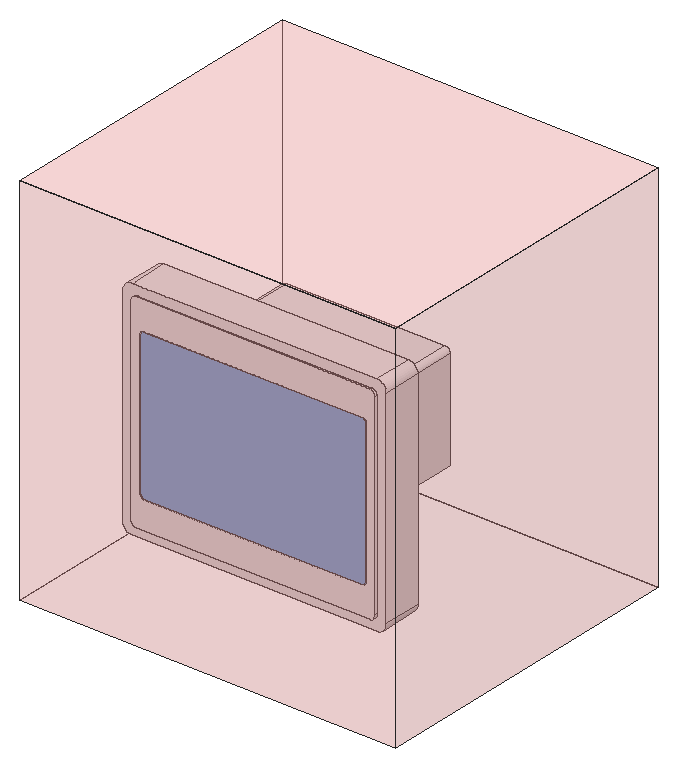
Revit family "Hitachi_PSC-A32MN_", category Mechanical Equipment, Revit 2018
Family settings
  Round Connector Dimension = Use Diameter
  Classification = None
  Part Type = Normal
  OmniClass Number = 23.75.65.14.17
  OmniClass Title = Control and Monitoring Boards/Panels
  Work Plane-Based = Yes
  Always vertical = Yes
  Cut with Voids When Loaded = No
  Shared = No
  Room Calculation Point = No
Parameters (values of type "PSC-A32MN")
  Uniformat code = "D306002"
  Uniformat = "Contrôle électronique "
  Type Comments = "PSC-A32MN - Touch screen central station mini"
  Reference description = "PSC-A32MN - Touch screen central station mini"
  Product Code = "7E511001"
  Overall Width = 140 mm
  Overall Height = 120 mm
  Overall Depth = 74.7 mm
  Operating Humidity Range = "35~90%"
  Omniclass = "HVAC Main Control Panels"
  Object type = "Control Panel"
  OMNICLASS Table 23 Code  = "23-27 15 23 11"
  Number of Phases = 1
  Nominal Frequency Range = "50-60"
  Nominal Current = 0 A
  Name ETIM = "Accessoires pour climatiseur"
  Name BIM&CO = "Panneau de contrôle"
  Name = "PSC-A32MN"
  Model = "PSC-A32MN"
  Minimum Voltage = 100 V
  Minimum Operating Temperature = 5 °C
  Maximum Voltage = 240 V
  Maximum Operating Temperature = 35 °C
  Masterformat Code = "23 09 33"
  MasterFormat = "Electric and Electronic Control System for HVAC"
  Mass = 0.50 kg
  Manufacturer Product Link = ""
  Manufacturer = "Hitachi Air Conditioning Europe SAS"
  GTIN (Global Trade Item Number)  = ""
  Electric Power = 20 W
  ETIM Code = "EC011603"
  Description = "PSC-A32MN is a touch screen central station which offers high resolution touch screen display with easy control of up to 32\r\nremote control groups."
  Default Elevation = 1219.2 mm
  Communication Type = "Wired"
  Color = "White"
  Clearance Zone [instance] = yes
  BC_VARIANT_ID = "230769"
  BC_OBJECT_VERSION = "#2"  # constant formula
  BC_OBJECT_ID = "37819"  # constant formula
  BC_MODEL_ID = "350314"  # constant formula
Reference planes
  plane 1: y = 0
  plane 2: z = 0
  plane 3 "Center (Left/Right)": x = 0
  plane 4: x = -70
  plane 5: x = 70
  plane 6: y = 37.35
  plane 7 "Display": y = -37.35
  plane 8: z = 120
  plane 9 "Fixing holes": y = -15.35
  plane 10 "Back conectors": y = -5.35
  plane 11 "Front": y = -36.35
  plane 12 "Mid Height": z = 60
  plane 13: z = 95.5
  plane 14: z = 24.5
  plane 15: x = 45
  plane 16: x = -45
  plane 17: z = 39.5
  plane 18 "Plugins": y = 4.65
  plane 19: z = 101.75
  plane 20: z = 18.25
  plane 21: y = 107.35
  plane 22: y = -67.35
  plane 23: x = -100
  plane 24: x = 100
  plane 25: z = 170
  plane 26: z = -30
  plane 27 "Center (Front/Back)": y = -13.35
Forms (mm)
  Extrusion 1, solid, material "Polyethylene, High Density"
    sketch origin (0, -36.35, 0) x (-1, 0, 0) y (0, 0, 1)
      loop
        line (65, 120) -> (-65, 120)
        arc (-65, 120) -> (-68.536, 118.536) -> (-70, 115) r 5
        line (-70, 115) -> (-70, 5)
        arc (-70, 5) -> (-68.536, 1.464) -> (-65, 0) r 5
        line (-65, 0) -> (65, 0)
        arc (65, 0) -> (68.536, 1.464) -> (70, 5) r 5
        line (70, 5) -> (70, 115)
        arc (70, 115) -> (68.536, 118.536) -> (65, 120) r 5
    from 0 to 21
  Extrusion 2, solid, material "Polyethylene, High Density"
    sketch origin (0, -37.35, 0) x (-1, 0, 0) y (0, 0, 1)
      loop
        line (62, 115) -> (-62, 115)
        arc (-62, 115) -> (-64.121, 114.121) -> (-65, 112) r 3
        line (-65, 112) -> (-65, 8)
        arc (-65, 8) -> (-64.121, 5.879) -> (-62, 5) r 3
        line (-62, 5) -> (62, 5)
        arc (62, 5) -> (64.121, 5.879) -> (65, 8) r 3
        line (65, 8) -> (65, 112)
        arc (65, 112) -> (64.121, 114.121) -> (62, 115) r 3
      loop
        line (58, 100) -> (-58, 100)
        arc (-58, 100) -> (-59.414, 99.414) -> (-60, 98) r 2
        line (-60, 98) -> (-60, 22)
        arc (-60, 22) -> (-59.414, 20.586) -> (-58, 20) r 2
        line (-58, 20) -> (58, 20)
        arc (58, 20) -> (59.414, 20.586) -> (60, 22) r 2
        line (60, 22) -> (60, 98)
        arc (60, 98) -> (59.414, 99.414) -> (58, 100) r 2
    from 0 to 1
  Extrusion 3, solid, material "Display"
    sketch origin (0, -37.35, 0) x (-1, 0, 0) y (0, 0, 1)
      loop
        line (58, 100) -> (-58, 100)
        arc (-58, 100) -> (-59.414, 99.414) -> (-60, 98) r 2
        line (-60, 98) -> (-60, 22)
        arc (-60, 22) -> (-59.414, 20.586) -> (-58, 20) r 2
        line (-58, 20) -> (58, 20)
        arc (58, 20) -> (59.414, 20.586) -> (60, 22) r 2
        line (60, 22) -> (60, 98)
        arc (60, 98) -> (59.414, 99.414) -> (58, 100) r 2
    from 0 to 1
  Extrusion 4, solid, material "Polyethylene, High Density"
    sketch origin (0, -5.35, 0) x (-1, 0, 0) y (0, 0, 1)
      loop
        arc (-42, 95.5) -> (-44.121, 94.621) -> (-45, 92.5) r 3
        line (-45, 92.5) -> (-45, 39.5) -> (45, 39.5) -> (45, 92.5)
        arc (45, 92.5) -> (44.121, 94.621) -> (42, 95.5) r 3
        line (42, 95.5) -> (-42, 95.5)
      loop
        line (-28, 90.5) -> (-28, 63.65) -> (28, 63.65) -> (28, 90.5) -> (-28, 90.5)
    from -10 to 42.7
  Extrusion 5, solid, material "Polyethylene, High Density"
    sketch origin (0, -5.35, 0) x (-1, 0, 0) y (0, 0, 1)
      loop
        arc (-42, 95.5) -> (-44.121, 94.621) -> (-45, 92.5) r 3
        line (-45, 92.5) -> (-45, 24.5) -> (45, 24.5) -> (45, 92.5)
        arc (45, 92.5) -> (44.121, 94.621) -> (42, 95.5) r 3
        line (42, 95.5) -> (-42, 95.5)
    from -10 to 0
  Extrusion 6, solid, material "Polyethylene, High Density"
    sketch origin (0, -5.35, 0) x (-1, 0, 0) y (0, 0, 1)
      loop
        line (-45, 39.5) -> (-45, 24.5) -> (45, 24.5) -> (45, 39.5) -> (-45, 39.5)
      loop
        line (-19.39, 32.574) -> (-19.39, 26.111) -> (-14.39, 26.111) -> (-14.39, 32.574) -> (-19.39, 32.574)
      loop
        line (-9.39, 32.574) -> (-9.39, 26.111) -> (-4.39, 26.111) -> (-4.39, 32.574) -> (-9.39, 32.574)
      loop
        line (0.61, 32.574) -> (0.61, 26.111) -> (5.61, 26.111) -> (5.61, 32.574) -> (0.61, 32.574)
    from 0 to 10
  Extrusion 7, solid, material "Aluminum"
    sketch origin (0, 4.65, 0) x (-1, 0, 0) y (0, 0, 1)
      loop
        line (-42.907, 37.281) -> (-42.907, 25.747) -> (-35.858, 25.747) -> (-35.858, 37.281) -> (-42.907, 37.281)
      loop
        line (16.532, 37.281) -> (16.532, 25.747) -> (23.58, 25.747) -> (23.58, 37.281) -> (16.532, 37.281)
    from 0 to 10
  Extrusion 8, solid, material "Polyethylene, High Density"
    sketch origin (0, -15.35, 0) x (-1, 0, 0) y (0, 0, 1)
      loop
        line (0, 95.5) -> (28, 95.5)
        arc (28, 95.5) -> (34.25, 101.75) -> (28, 108) r 6.25
        line (28, 108) -> (0, 108) -> (-28, 108)
        arc (-28, 108) -> (-34.25, 101.75) -> (-28, 95.5) r 6.25
        line (-28, 95.5) -> (0, 95.5)
      loop
        arc (-28, 104.75) -> (-31.013, 101.737) -> (-28, 98.725) r 3.013
        line (-28, 98.725) -> (-26, 98.725)
        arc (-26, 98.725) -> (-22.987, 101.737) -> (-26, 104.75) r 3.013
        line (-26, 104.75) -> (-28, 104.75)
      loop
        line (28, 104.75) -> (26, 104.75)
        arc (26, 104.75) -> (22.987, 101.737) -> (26, 98.725) r 3.013
        line (26, 98.725) -> (28, 98.725)
        arc (28, 98.725) -> (31.013, 101.737) -> (28, 104.75) r 3.013
      loop
        line (0, 24.5) -> (-28, 24.5)
        arc (-28, 24.5) -> (-34.25, 18.25) -> (-28, 12) r 6.25
        line (-28, 12) -> (0, 12) -> (28, 12)
        arc (28, 12) -> (34.25, 18.25) -> (28, 24.5) r 6.25
        line (28, 24.5) -> (0, 24.5)
      loop
        line (-28, 15.25) -> (-26, 15.25)
        arc (-26, 15.25) -> (-22.987, 18.263) -> (-26, 21.275) r 3.013
        line (-26, 21.275) -> (-28, 21.275)
        arc (-28, 21.275) -> (-31.013, 18.263) -> (-28, 15.25) r 3.013
      loop
        arc (28, 15.25) -> (31.013, 18.263) -> (28, 21.275) r 3.013
        line (28, 21.275) -> (26, 21.275)
        arc (26, 21.275) -> (22.987, 18.263) -> (26, 15.25) r 3.013
        line (26, 15.25) -> (28, 15.25)
    from 0 to 2
  Extrusion 9, solid, material "Clearance Zone", visible <- "Clearance Zone"
    sketch origin (0, 0, 0) x (1, 0, 0) y (0, 1, 0)
      loop
        line (-100, 107.35) -> (-100, -67.35) -> (100, -67.35) -> (100, 107.35) -> (-100, 107.35)
    from -30 to 170
Cuts and joins
  joined: Extrusion 1, Extrusion 2, Extrusion 4, Extrusion 5, Extrusion 8
Lines and regions (mm)
  symbolic lines, style "Clearance Zone"
    curve 1: line (-100, 107.35, 0) -> (100, 107.35, 0)
    curve 2: line (-100, -67.35, 0) -> (-100, 107.35, 0)
    curve 3: line (100, -67.35, 0) -> (-100, -67.35, 0)
    curve 4: line (100, 107.35, 0) -> (100, -67.35, 0)
    curve 5: line (-100, -37.35, 170) -> (100, -37.35, 170)
    curve 6: line (-100, -37.35, -30) -> (-100, -37.35, 170)
    curve 7: line (100, -37.35, -30) -> (-100, -37.35, -30)
    curve 8: line (100, -37.35, 170) -> (100, -37.35, -30)
    curve 9: line (0, 107.35, 170) -> (0, -67.35, 170)
    curve 10: line (0, 107.35, -30) -> (0, 107.35, 170)
    curve 11: line (0, -67.35, -30) -> (0, 107.35, -30)
    curve 12: line (0, -67.35, 170) -> (0, -67.35, -30)
Dimensions and locks
  equal spacing: plane 4, plane 3 "Center (Left/Right)", plane 5
  "Overall Width": plane 4 to plane 5
  equal spacing: plane 6, plane 1, plane 7 "Display"
  "Overall Depth": plane 6 to plane 7 "Display"
  "Overall Height": plane 8 to plane 2
  plane 25 to plane 8 = 50 mm
  plane 26 to level = 30 mm
  plane 21 to plane 6 = 70 mm
  plane 7 "Display" to plane 22 = 30 mm
  plane 4 to plane 23 = 30 mm
  plane 24 to plane 5 = 30 mm
  aligned and locked: level to plane 2
  aligned and locked: plane 8 to Extrusion 1 sketch curve
  aligned and locked: Extrusion 1 sketch curve to plane 4
  aligned and locked: Extrusion 1 sketch curve to plane 2
  aligned and locked: plane 5 to Extrusion 1 sketch curve
  aligned and locked: Extrusion 1 to plane 9 "Fixing holes"
  aligned and locked: plane 11 "Front" to Extrusion 2
  aligned and locked: plane 11 "Front" to Extrusion 3
  aligned and locked: Extrusion 4 sketch curve to plane 13
  aligned and locked: plane 15 to Extrusion 4 sketch curve
  aligned and locked: Extrusion 4 sketch curve to plane 17
  aligned and locked: Extrusion 4 sketch curve to plane 16
  aligned and locked: plane 6 to Extrusion 4
  aligned and locked: Extrusion 4 to plane 9 "Fixing holes"
  aligned and locked: Extrusion 5 sketch curve to Extrusion 4
  aligned and locked: Extrusion 5 sketch curve to plane 16
  aligned and locked: Extrusion 5 to plane 9 "Fixing holes"
  aligned and locked: plane 10 "Back conectors" to Extrusion 5
  aligned and locked: Extrusion 5 sketch curve to plane 13
Automatic sketch dimensions
  Extrusion 1 sketch curve to plane 5 = 5 mm  (x2)
  level to Extrusion 1 sketch curve = 5 mm
  Extrusion 1 sketch curve to Extrusion 1 sketch curve = 5 mm
  Extrusion 2 sketch curve to plane 5 = 5 mm
  Extrusion 2 sketch curve to Extrusion 2 sketch curve = 3 mm  (x3)
  Extrusion 2 sketch curve to plane 14 = 2.5 mm  (x2)
  Extrusion 2 sketch curve to plane 5 = 10 mm
  Extrusion 2 sketch curve to Extrusion 2 sketch curve = 2 mm  (x2)
  plane 13 to Extrusion 2 sketch curve = 2.5 mm  (x2)
  plane 4 to Extrusion 2 sketch curve = 12 mm
  plane 4 to Extrusion 2 sketch curve = 8 mm  (x2)
  level to Extrusion 2 sketch curve = 8 mm
  Extrusion 2 sketch curve to plane 8 = 8 mm
  Extrusion 3 sketch curve to plane 14 = 2.5 mm
  Extrusion 3 sketch curve to plane 5 = 10 mm
  Extrusion 3 sketch curve to Extrusion 3 sketch curve = 2 mm  (x4)
  plane 13 to Extrusion 3 sketch curve = 2.5 mm
  plane 4 to Extrusion 3 sketch curve = 12 mm
  plane 15 to Extrusion 7 sketch curve = 2.093 mm
  plane 14 to Extrusion 7 sketch curve = 1.247 mm  (x2)
  Extrusion 7 sketch curve to Extrusion 7 sketch curve = 7.048 mm  (x2)
  Extrusion 7 sketch curve to plane 3 "Center (Left/Right)" = 16.532 mm
  Extrusion 7 sketch curve to plane 17 = 2.219 mm  (x2)
  Extrusion 6 sketch curve to plane 14 = 0 mm
  Extrusion 6 sketch curve to plane 15 = 0 mm
  plane 16 to Extrusion 6 sketch curve = 0 mm
  Extrusion 6 sketch curve to plane 17 = 0 mm
  plane 3 "Center (Left/Right)" to Extrusion 6 sketch curve = 19.39 mm
  Extrusion 6 sketch curve to Extrusion 6 sketch curve = 5 mm  (x3)
  plane 3 "Center (Left/Right)" to Extrusion 6 sketch curve = 4.39 mm
  plane 14 to Extrusion 6 sketch curve = 1.611 mm  (x3)
  Extrusion 6 sketch curve to Extrusion 6 sketch curve = 6.463 mm  (x2)
  Extrusion 6 sketch curve to Extrusion 6 sketch curve = 0 mm
  Extrusion 6 sketch curve to plane 3 "Center (Left/Right)" = 0.61 mm
  Extrusion 8 sketch curve to plane 14 = 0 mm
  Extrusion 8 sketch curve to plane 20 = 0 mm
  Extrusion 8 sketch curve to plane 13 = 0 mm
  Extrusion 8 sketch curve to plane 19 = 0 mm
  Extrusion 8 sketch curve to plane 3 "Center (Left/Right)" = 0 mm  (x4)
  plane 19 to Extrusion 8 sketch curve = 0.013 mm  (x2)
  plane 15 to Extrusion 8 sketch curve = 19 mm  (x2)
  plane 20 to Extrusion 8 sketch curve = 3.025 mm  (x2)
  Extrusion 8 sketch curve to Extrusion 8 sketch curve = 2 mm  (x4)
  Extrusion 8 sketch curve to Extrusion 8 sketch curve = 0 mm  (x6)
  Extrusion 8 sketch curve to plane 16 = 19 mm  (x2)
  plane 19 to Extrusion 8 sketch curve = 3.025 mm
  plane 20 to Extrusion 8 sketch curve = 0.013 mm
  Extrusion 8 sketch curve to plane 20 = 3 mm
  Extrusion 8 sketch curve to Extrusion 8 sketch curve = 3.013 mm
  plane 15 to Extrusion 4 sketch curve = 3 mm
  plane 15 to Extrusion 4 sketch curve = 17 mm
  Extrusion 4 sketch curve to Extrusion 4 sketch curve = 3 mm
  plane 12 "Mid Height" to Extrusion 4 sketch curve = 3.65 mm
  Extrusion 4 sketch curve to plane 16 = 17 mm
  Extrusion 4 sketch curve to plane 13 = 5 mm
  Extrusion 5 sketch curve to plane 14 = 0 mm
  Extrusion 5 sketch curve to plane 13 = 3 mm
  Extrusion 5 sketch curve to plane 16 = 3 mm
  curve 3 to plane 22 = 0 mm
  curve 3 to plane 23 = 0 mm
  curve 3 to plane 24 = 0 mm
  curve 2 to plane 21 = 0 mm
  curve 5 to plane 24 = 0 mm
  curve 7 to plane 23 = 0 mm
  curve 7 to plane 26 = 0 mm
  curve 6 to plane 25 = 0 mm
  curve 9 to plane 22 = 0 mm
  curve 11 to plane 21 = 0 mm
  plane 26 to curve 11 = 0 mm
  curve 10 to plane 25 = 0 mm
  Extrusion 9 sketch curve to plane 22 = 0 mm
  Extrusion 9 sketch curve to plane 23 = 0 mm
  Extrusion 9 sketch curve to plane 24 = 0 mm
  Extrusion 9 sketch curve to plane 21 = 0 mm
Connectors
  electrical at (39.383, 14.65, 31.514)
    settings: on Extrusion 7, index 1, voltage 0 V, apparent load 0 VA, apparent load phase1 0 VA, apparent load phase2 0 VA, apparent load phase3 0 VA, power factor 1, load classification "Other", number of poles 1, system type 13, power factor state 1, is connector primary yes, connector utility no, sub classification motor no, connector description "H-LINK (Non-pole)"
  electrical at (39.383, 14.65, 31.514)
    settings: on Extrusion 7, index 2, voltage 0 V, apparent load 0 VA, apparent load phase1 0 VA, apparent load phase2 0 VA, apparent load phase3 0 VA, power factor 1, load classification "Other", number of poles 1, system type 13, power factor state 1, is connector primary no, connector utility no, sub classification motor no, connector description "H-LINK (Non-pole)"
  electrical at (16.89, 4.65, 29.343)
    settings: on Extrusion 6, index 3, voltage 0 V, apparent load 0 VA, apparent load phase1 0 VA, apparent load phase2 0 VA, apparent load phase3 0 VA, power factor 1, load classification "Other", number of poles 1, system type 14, power factor state 1, is connector primary no, connector utility no, sub classification motor no, connector description "Terminals for external input/output"
  electrical at (6.89, 4.65, 29.343)
    settings: on Extrusion 6, index 4, voltage 0 V, apparent load 0 VA, apparent load phase1 0 VA, apparent load phase2 0 VA, apparent load phase3 0 VA, power factor 1, load classification "Other", number of poles 1, system type 14, power factor state 1, is connector primary no, connector utility no, sub classification motor no, connector description "Terminals for external input/output"
  electrical at (-3.11, 4.65, 29.343)
    settings: on Extrusion 6, index 5, voltage 0 V, apparent load 0 VA, apparent load phase1 0 VA, apparent load phase2 0 VA, apparent load phase3 0 VA, power factor 1, load classification "Other", number of poles 1, system type 14, power factor state 1, is connector primary no, connector utility no, sub classification motor no, connector description "Terminals for external input/output"
  electrical at (-20.056, 14.65, 31.514)
    settings: on Extrusion 7, index 6, voltage 0 V, apparent load 0 VA, apparent load phase1 0 VA, apparent load phase2 0 VA, apparent load phase3 0 VA, power factor 1, load classification "Other", number of poles 1, system type 31, power factor state 1, is connector primary no, connector utility no, sub classification motor no, connector description "AC 100 to 240 V"
  electrical at (39.383, 14.65, 31.514)
    settings: on Extrusion 7, index 7, voltage 0 V, apparent load 0 VA, apparent load phase1 0 VA, apparent load phase2 0 VA, apparent load phase3 0 VA, power factor 1, load classification "Other", number of poles 1, system type 31, power factor state 1, is connector primary no, connector utility no, sub classification motor no, connector description "AC 100 to 240 V"
  electrical at (39.383, 14.65, 31.514)
    settings: on Extrusion 7, index 8, voltage 0 V, apparent load 0 VA, apparent load phase1 0 VA, apparent load phase2 0 VA, apparent load phase3 0 VA, power factor 1, load classification "Other", number of poles 1, system type 31, power factor state 1, is connector primary no, connector utility no, sub classification motor no, connector description "FG"
